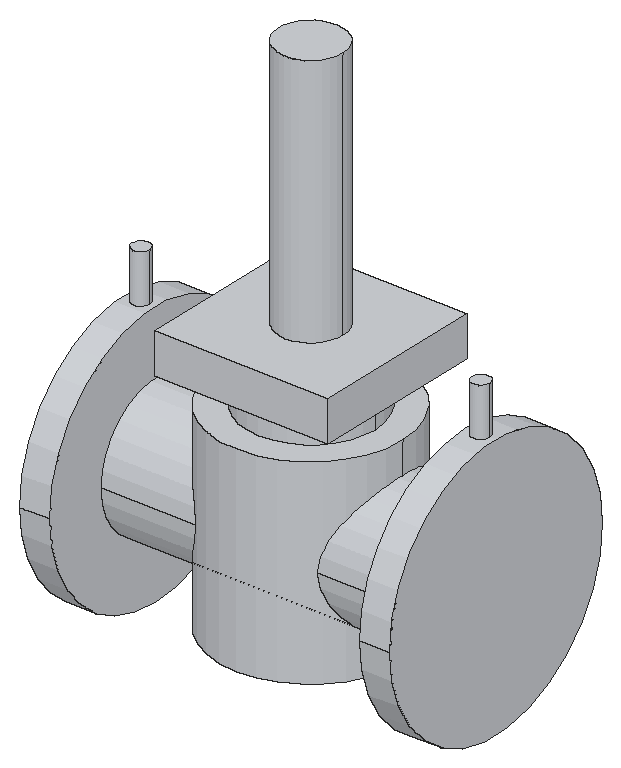
Revit family "OPTIMA_Compact_FLANGE_PN16_DN050-LF_RFA_2019", category Pipe Accessories, Revit 2019
Family settings
  Round Connector Dimension = Use Diameter
  Part Type = Valve - Breaks Into
  Work Plane-Based = No
  Always vertical = Yes
  Cut with Voids When Loaded = No
  Shared = No
Parameters (values of type "Optima Compact Flange PN16 DN050 LF")
  magiProductId = "Frese Optima Flange DN050 LF"
  magiProductFamilyId = "Frese Optima Flange *"
  magiPartTypeId = 304
  isMeasuringValve [instance] = no
  ang2D [instance] = 0.00°
  W2D = 50 mm
  VersionID = "2.0/2018.8.28.1/FRESE_OPTIMA_FLANGE_Q13_002"
  Use Minimum Symbol Size [instance] = yes
  URL = "www.hydronix.cz"
  Type Comments = "Přírubový; PN16; 0~120°C, s měřením"
  R4 = 40.3 mm
  R3 = 42.9 mm
  R1 = 57.5 mm
  QmdConnectorList = "301;D;302;D"
  Productdata [instance] = ""
  Manufacturer = "Hydronix"
  MC Product Code = "53-1200 (DN50 LF; 20mm; pohon min 1000N; Qmin-dpmin 2500l/h-6.5kPa; Qmax-dpmin 15000l/h-20.0kPa; dpmax 800kPa)"
  MC Piping Given Pressure Drop [instance] = 0.0 Pa
  LF__ve = -LF  # -18.4 mm
  LF2 = 9.2 mm
  LF = 18.4 mm
  L4 = 108.1 mm
  L3 = 193.2 mm
  L2D_Min = 3048 mm
  L2D = 230 mm
  L2 = 115 mm
  H6 = 157.3 mm
  H4 = 24.8 mm
  H3 = 20.6 mm
  H2 = 61.9 mm
  H1 = 123.8 mm
  Description = "Tlakově nezávislý 2-cestný regulační vyvažovací ventil (PICV)"
  DF2 = 82.5 mm
  D = 50 mm
  CAT0 = yes
Types (14, lengths in mm): name | magiProductId | magiProductFamilyId | W2D | Type Comments | R4 | R3 | R1 | MC Product Code | LF__ve | LF2 | LF | L4 | L3 | L2D | L2 | H6 | H4 | H3 | H2 | H1 | DF2 | D
  Optima Compact Flange PN16 DN050 LF | "Frese Optima Flange DN050 LF" | "Frese Optima Flange *" | 50 | "Přírubový; PN16; 0~120°C, s měřením" | 40.3 | 42.9 | 57.5 | "53-1200 (DN50 LF; 20mm; pohon min 1000N; Qmin-dpmin 2500l/h-6.5kPa; Qmax-dpmin 15000l/h-20.0kPa; dpmax 800kPa)" | -18.4 | 9.2 | 18.4 | 108.1 | 193.2 | 230 | 115 | 157.3 | 24.8 | 20.6 | 61.9 | 123.8 | 82.5 | 50
  Optima Compact Flange PN16 DN050 HF | "Frese Optima Flange DN050 HF" | "Frese Optima Flange *" | 50 | "Přírubový; PN16; 0~120°C, s měřením" | 40.25 | 42.9 | 57.5 | "53-1210 (DN50 HF; 20mm; pohon min 1000N; Qmin-dpmin 3900l/h-19.0kPa; Qmax-dpmin 24000l/h-50.0kPa; dpmax 800kPa)" | -18.4 | 9.2 | 18.4 | 108.1 | 193.2 | 230 | 115 | 157.25 | 24.75 | 20.625 | 61.875 | 123.75 | 82.5 | 50
  Optima Compact Flange PN16 DN065 LF | "Frese Optima Flange DN065 LF" | "Frese Optima Flange *" | 50 | "Přírubový; PN16; 0~120°C, s měřením" | 50.75 | 48.1 | 72.5 | "53-1201 (DN65 LF; 20mm; pohon min 1000N; Qmin-dpmin 4400l/h-15.0kPa; Qmax-dpmin 25000l/h-25.0kPa; dpmax 800kPa)" | -23.2 | 11.6 | 23.2 | 136.3 | 243.6 | 230 | 145 | 171.25 | 27.75 | 23.125 | 69.375 | 138.75 | 92.5 | 65
  Optima Compact Flange PN16 DN065 HF | "Frese Optima Flange DN065 HF" | "Frese Optima Flange *" | 50 | "Přírubový; PN16; 0~120°C, s měřením" | 50.75 | 48.1 | 72.5 | "53-1211 (DN65 HF; 20mm; pohon min 1000N; Qmin-dpmin 6000l/h-30.0kPa; Qmax-dpmin 35000l/h-55.0kPa; dpmax 800kPa)" | -23.2 | 11.6 | 23.2 | 136.3 | 243.6 | 230 | 145 | 171.25 | 27.75 | 23.125 | 69.375 | 138.75 | 92.5 | 65
  Optima Compact Flange PN16 DN080 LF | "Frese Optima Flange DN080 LF" | "Frese Optima Flange *" | 50 | "Přírubový; PN16; 0~120°C, s měřením" | 54.25 | 52 | 77.5 | "53-1202 (DN80 LF; 20mm; pohon min 1000N; Qmin-dpmin 5300l/h-16.0kPa; Qmax-dpmin 34000l/h-25.0kPa; dpmax 800kPa)" | -24.8 | 12.4 | 24.8 | 145.7 | 260.4 | 230 | 155 | 183 | 30 | 25 | 75 | 150 | 100 | 80
  Optima Compact Flange PN16 DN080 HF | "Frese Optima Flange DN080 HF" | "Frese Optima Flange *" | 50 | "Přírubový; PN16; 0~120°C, s měřením" | 54.25 | 52 | 77.5 | "53-1212 (DN80 HF; 20mm; pohon min 1000N; Qmin-dpmin 7000l/h-23.0kPa; Qmax-dpmin 43000l/h-50.0kPa; dpmax 800kPa)" | -24.8 | 12.4 | 24.8 | 145.7 | 260.4 | 230 | 155 | 183 | 30 | 25 | 75 | 150 | 100 | 80
  Optima Compact Flange PN16 DN100 LF | "Frese Optima Flange DN100 LF" | "Frese Optima Flange *" | 50 | "Přírubový; PN16; 0~120°C, s měřením" | 61.25 | 61.1 | 87.5 | "53-1203 (DN100 LF; 40mm; pohon min 1000N; Qmin-dpmin 12100l/h-20.0kPa; Qmax-dpmin 68000l/h-35.0kPa; dpmax 800kPa)" | -28 | 14 | 28 | 164.5 | 294 | 230 | 175 | 268.75 | 35.25 | 29.375 | 88.125 | 176.25 | 117.5 | 100
  Optima Compact Flange PN16 DN100 HF | "Frese Optima Flange DN100 HF" | "Frese Optima Flange *" | 50 | "Přírubový; PN16; 0~120°C, s měřením" | 61.25 | 61.1 | 87.5 | "53-1213 (DN100 HF; 40mm; pohon min 1000N; Qmin-dpmin 14800l/h-30.0kPa; Qmax-dpmin 90000l/h-75.0kPa; dpmax 800kPa)" | -28 | 14 | 28 | 164.5 | 294 | 230 | 175 | 268.75 | 35.25 | 29.375 | 88.125 | 176.25 | 117.5 | 100
  Optima Compact Flange PN16 DN125 LF | "Frese Optima Flange DN125 LF" | "Frese Optima Flange *" | 50 | "Přírubový; PN16; 0~120°C, s měřením" | 70 | 70.2 | 100 | "53-1204 (DN125 LF; 40mm; pohon min 1000N; Qmin-dpmin 18500l/h-16.0kPa; Qmax-dpmin 110000l/h-35.0kPa; dpmax 800kPa)" | -32 | 16 | 32 | 188 | 336 | 230 | 200 | 275.5 | 40.5 | 33.75 | 101.25 | 202.5 | 135 | 125
  Optima Compact Flange PN16 DN125 HF | "Frese Optima Flange DN125 HF" | "Frese Optima Flange *" | 50 | "Přírubový; PN16; 0~120°C, s měřením" | 70 | 70.2 | 100 | "53-1214 (DN125 HF; 40mm; pohon min 1000N; Qmin-dpmin 23000l/h-27.0kPa; Qmax-dpmin 135000l/h-53.0kPa; dpmax 800kPa)" | -32 | 16 | 32 | 188 | 336 | 230 | 200 | 275.5 | 40.5 | 33.75 | 101.25 | 202.5 | 135 | 125
  Optima Compact Flange PN16 DN150 LF | "Frese Optima Flange DN150 LF" | "Frese Optima Flange *" | 50 | "Přírubový; PN16; 0~110°C, s měřením" | 84 | 74.1 | 120 | "53-1205 (DN150 LF; 43mm; pohon min 1500N; Qmin-dpmin 25600l/h-21.0kPa; Qmax-dpmin 148000l/h-35.0kPa; dpmax 800kPa)" | -38.4 | 19.2 | 38.4 | 225.6 | 403.2 | 230 | 240 | 279.25 | 42.75 | 35.625 | 106.875 | 213.75 | 142.5 | 150
  Optima Compact Flange PN16 DN150 HF | "Frese Optima Flange DN150 HF" | "Frese Optima Flange *" | 50 | "Přírubový; PN16; 0~110°C, s měřením" | 84 | 74.1 | 120 | "53-1215 (DN150 HF; 43mm; pohon min 1500N; Qmin-dpmin 32000l/h-33.0kPa; Qmax-dpmin 195000l/h-65.0kPa; dpmax 800kPa)" | -38.4 | 19.2 | 38.4 | 225.6 | 403.2 | 230 | 240 | 279.25 | 42.75 | 35.625 | 106.875 | 213.75 | 142.5 | 150
  Optima Compact Flange PN16 DN200 LF | "" | "" | 100 | "Přírubový; PN16; 0~110°C, s měřením" | 164.5 | 98.8 | 235 | "53-1206 (DN200 LF; 43mm; pohon min 1500N; Qmin-dpmin 95000l/h-11.0kPa; Qmax-dpmin 210000l/h-32.0kPa; dpmax 800kPa)" | -48 | 24 | 48 | 282 | 504 | 350 | 300 | 281 | 57 | 15 | 209 | 380 | 190 | 200
  Optima Compact Flange PN16 DN200 HF | "" | "" | 100 | "Přírubový; PN16; 0~110°C, s měřením" | 164.5 | 98.8 | 235 | "53-1216 (DN200 HF; 43mm; pohon min 1500N; Qmin-dpmin 130000l/h-31.0kPa; Qmax-dpmin 280000l/h-78.0kPa; dpmax 800kPa)" | -48 | 24 | 48 | 282 | 504 | 350 | 300 | 281 | 57 | 15 | 209 | 380 | 190 | 200
Reference planes
  plane 1 "Center (Front/Back)": y = 0
  plane 2 "XYPLANE": z = 0
  plane 3 "Center (Left/Right)": x = 0
  plane 4 "157": x = 105.8
  plane 5 "156": x = -105.8
  plane 6 "155": z = 82.5
  plane 7 "154": z = 107.3
  plane 8 "153": z = 82.5
  plane 9 "152": z = 61.9
  plane 10 "151": x = -96.6
  plane 11 "150": z = -61.9
  plane 12 "149": x = 0
  plane 13 "148": y = 0
  plane 14 "147": z = 0
  plane 15 "146": x = -115
  plane 16 "145": x = 115
Forms (mm)
  Extrusion 1, solid, visible <- "CAT0"
    sketch origin (-750, 0, 82.5) x (1, 0, 0) y (0, 1, 0)
      loop
        circle (855.8, 0) r 5.5
    from 0 to 30
  Extrusion 2, solid, visible <- "CAT0"
    sketch origin (-750, 0, 82.5) x (1, 0, 0) y (0, 1, 0)
      loop
        circle (644.2, 0) r 5.5
    from 0 to 30
  Extrusion 3, solid, visible <- "CAT0"
    sketch origin (-750, 0, 107.3) x (1, 0, 0) y (0, 1, 0)
      loop
        circle (750, 0) r 20
    from 0 to 157.3 <- "H6"
  Extrusion 4, solid, visible <- "CAT0"
    sketch origin (-750, 0, 82.5) x (1, 0, 0) y (0, 1, 0)
      loop
        line (804.05, 54.05) -> (695.95, 54.05) -> (695.95, -54.05) -> (804.05, -54.05) -> (804.05, 54.05)
    from 0 to 24.8 <- "H4"
  Extrusion 5, solid, visible <- "CAT0"
    sketch origin (-750, 0, 61.9) x (1, 0, 0) y (0, 1, 0)
      loop
        circle (750, 0) r 40.3
    from 0 to 20.6 <- "H3"
  Extrusion 6, solid, visible <- "CAT0"
    sketch origin (-96.6, -750, 0) x (0, 1, 0) y (0, 0, 1)
      loop
        circle (750, 0) r 42.9
    from 0 to 193.2 <- "L3"
  Extrusion 7, solid, visible <- "CAT0"
    sketch origin (-750, 0, -61.9) x (1, 0, 0) y (0, 1, 0)
      loop
        circle (750, 0) r 57.5
    from 0 to 123.8 <- "H1"
  Extrusion 8, solid, visible <- "CAT0"
    sketch origin (-115, -750, 0) x (0, 1, 0) y (0, 0, 1)
      loop
        circle (750, 0) r 82.5
    from 0 to 18.4 <- "LF"
  Extrusion 9, solid, visible <- "CAT0"
    sketch origin (115, -750, 0) x (0, 1, 0) y (0, 0, 1)
      loop
        circle (750, 0) r 82.5
    from 0 to -18.4 <- "LF__ve"
  Extrusion 10, solid, not visible
    sketch origin (-115, -750, 0) x (0, 1, 0) y (0, 0, 1)
      loop
        circle (750, 0) r 10
    from 0 to 10
  Extrusion 11, solid, not visible
    sketch origin (115, -750, 0) x (0, 1, 0) y (0, 0, 1)
      loop
        circle (750, 0) r 10
    from 0 to -10
Lines and regions (mm)
  reference lines, not visible
    curve 1: circle (2, 2, 0) r 1 normal (0, 0, 1)
  reference lines
    curve 2: circle (0, 0, 82.5) r 1 normal (0, 0, 1)
Dimensions and locks
  plane 1 "Center (Front/Back)" to curve 1 = 2 mm
  "LF2": plane 16 "145" to plane 4 "157"
  "LF2": plane 15 "146" to plane 5 "156"
  "DF2": plane 2 "XYPLANE" to plane 6 "155"
  "H4": plane 8 "153" to plane 7 "154"
  "H3": plane 9 "152" to plane 8 "153"
  "H1": plane 11 "150" to plane 9 "152"
  "LF": plane 15 "146" to plane 10 "151"
  "H2": plane 2 "XYPLANE" to plane 11 "150"
  locked: plane 3 "Center (Left/Right)" to plane 12 "149"
  locked: plane 1 "Center (Front/Back)" to plane 13 "148"
  locked: plane 2 "XYPLANE" to plane 14 "147"
  "L2": plane 3 "Center (Left/Right)" to plane 15 "146"
  "L2": plane 3 "Center (Left/Right)" to plane 16 "145"
  equal spacing: Extrusion 4 sketch curve, curve 2, Extrusion 4 sketch curve  (x2)
  "L4": Extrusion 4 sketch curve to Extrusion 4 sketch curve  (x2)
  Extrusion 4 sketch curve to Extrusion 4 sketch curve = 0 mm  (x8)
  "R4": radius of Extrusion 5 sketch curve
  "R3": radius of Extrusion 6 sketch curve
  "R1": radius of Extrusion 7 sketch curve
  "DF2": radius of Extrusion 8 sketch curve
  "DF2": radius of Extrusion 9 sketch curve
  aligned and locked: level to plane 2 "XYPLANE"
  aligned and locked: plane 4 "157" to Extrusion 1 sketch curve
  aligned and locked: plane 13 "148" to Extrusion 1 sketch curve
  aligned and locked: plane 5 "156" to Extrusion 2 sketch curve
  aligned and locked: plane 13 "148" to Extrusion 2 sketch curve
  aligned and locked: plane 12 "149" to Extrusion 3 sketch curve
  aligned and locked: plane 13 "148" to Extrusion 3 sketch curve
  aligned and locked: plane 12 "149" to curve 2
  aligned and locked: plane 13 "148" to curve 2
  aligned and locked: plane 12 "149" to Extrusion 5 sketch curve
  aligned and locked: plane 13 "148" to Extrusion 5 sketch curve
  aligned and locked: Extrusion 6 sketch curve to plane 13 "148"
  aligned and locked: plane 14 "147" to Extrusion 6 sketch curve
  aligned and locked: plane 12 "149" to Extrusion 7 sketch curve
  aligned and locked: plane 13 "148" to Extrusion 7 sketch curve
  aligned and locked: Extrusion 8 sketch curve to plane 13 "148"
  aligned and locked: plane 14 "147" to Extrusion 8 sketch curve
  aligned and locked: Extrusion 9 sketch curve to plane 13 "148"
  aligned and locked: plane 14 "147" to Extrusion 9 sketch curve
  aligned and locked: Extrusion 10 sketch curve to plane 13 "148"
  aligned and locked: plane 14 "147" to Extrusion 10 sketch curve
  aligned and locked: Extrusion 11 sketch curve to plane 13 "148"
  aligned and locked: plane 14 "147" to Extrusion 11 sketch curve
Automatic sketch dimensions
  Extrusion 1 sketch curve to plane 4 "157" = 5.5 mm
  plane 15 "146" to Extrusion 2 sketch curve = 3.7 mm
  Extrusion 3 sketch curve to plane 3 "Center (Left/Right)" = 20 mm
  plane 1 "Center (Front/Back)" to Extrusion 10 sketch curve = 10 mm
  plane 1 "Center (Front/Back)" to Extrusion 11 sketch curve = 10 mm
  plane 3 "Center (Left/Right)" to curve 1 = 2 mm
  plane 10 "151" to Extrusion 4 sketch curve = 42.55 mm
  plane 1 "Center (Front/Back)" to Extrusion 4 sketch curve = 54.05 mm
  radius of curve 2 = 1 mm
  radius of curve 1 = 1 mm
Connectors
  piping at (-115, 0, 0), diameter 50, driven by "D"
    settings: on Extrusion 10, index 1, connector inside diameter 609.6 mm, connector length 0 mm, flow factor 0, pipe flow 0.0 L/s, pressure drop 0.0 Pa, fitting loss kfactor 0, connector angle 0.00°, fixture units 0, engagement length 0 mm, angle of deflection 0.00°, flow configuration 0, flow direction 0, fitting loss method 0, system type 29, joint type 0, gender type 0, connector reference index 2, connector utility 0, adjustable connector no, is connector primary yes, connector description ""
  piping at (115, 0, 0), diameter 50, driven by "D"
    settings: on Extrusion 11, index 2, connector inside diameter 609.6 mm, connector length 0 mm, flow factor 0, pipe flow 0.0 L/s, pressure drop 0.0 Pa, fitting loss kfactor 0, connector angle 0.00°, fixture units 0, engagement length 0 mm, angle of deflection 0.00°, flow configuration 0, flow direction 0, fitting loss method 0, system type 29, joint type 0, gender type 0, connector reference index 1, connector utility 0, adjustable connector no, is connector primary no, connector description ""
